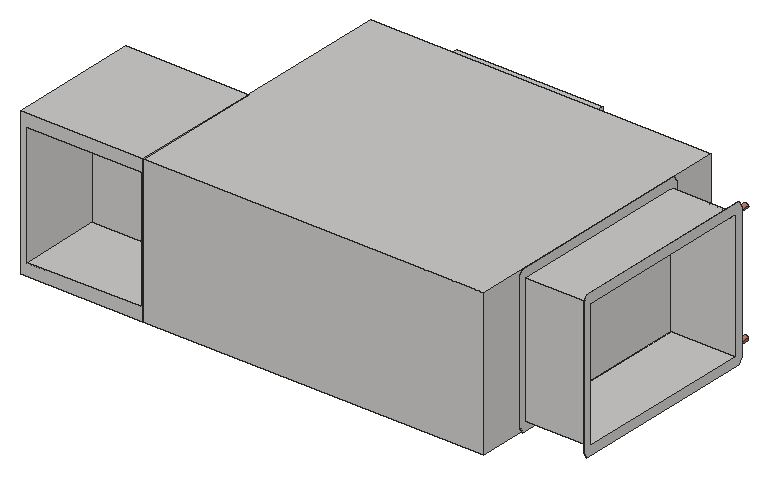
Revit family
Parameters
  Width = 3' - 3"
  Voltage = 208 V
  Unit Weight = if(Number of Rows = 1, "272.0 lbs", if(Number of Rows = 2, "277.0 lbs", "0"))  # "272.0 lbs"
  UltraLoc Liner = Choose Liner Option = 3  # no
  URL = "http://www.titus-hvac.com/"
  UL = "181"
  Supply Air Flow [instance] = 0 CFM
  SteriLoc Liner = Choose Liner Option = 2  # no
  Secondary Material = Copper Connectors
  Primary Air Pressure Drop [instance] = 0.00 in-wg
  Primary Air Flow [instance] = 0 CFM
  Pressure [instance] = 0.00 psi
  Plenum Air Pressure Drop [instance] = 0.00 in-wg
  Plenum Air Flow [instance] = 0 CFM
  Outlet Width = 2' - 1"
  Outlet Height = 1' - 5 1/2"
  Number of Rows = 1
  Number of Poles = 2
  Nominal Width = Width + 0' 6 1/4"  # 3' - 9 1/4"
  Nominal Length = Length + 1' 4 7/8" + 0' 9"  # 6' - 0 5/8"
  Nominal Inlet Size = 1' - 2"
  Nominal Height = 1' - 8"
  NFPA = "90A"
  Motor Full Load Amps [instance] = 3.6 A
  Model = "DTFS-F"
  Min. Air Flow = 0 CFM
  Max. Air Flow = 3000 CFM
  Material = Galvanized Steel
  Manufacturer = "Titus"
  Length = 3' - 10 3/4"
  Juction Box Offset = 0' - 6 7/8"
  Inlet Diameter = Nominal Inlet Size - 0' 0 1/8"  # 1' - 1 7/8"
  Induced Air Inlet Width = 1' - 4 7/8"
  Induced Air Inlet Offset = (Nominal Height - Induced Air Inlet Connection Height) / 2  # 0' - 1 11/16"
  Induced Air Inlet Height = 1' - 6 1/8"
  Induced Air Inlet Connection Width = 1' - 3 3/4"
  Induced Air Inlet Connection Height = 1' - 4 5/8"
  Induced Air Filter = no
  Heating Total Capacity [instance] = 0 Btu/h
  Heating Entering Water Temp = 0 °F
  Half Outlet Width = 1' - 0 1/2"
  Half Outlet Connection Width = Outlet Width / 2  # 1' - 0 1/2"
  Half Outlet Connection Height = Outlet Height / 2  # 0' - 8 3/4"
  Half Height Start = -(Nominal Height / 2)  # -0' - 10"
  Half Height End = Nominal Height / 2  # 0' - 10"
  HWC Option = HWC Section : D-E - 1 Row
  HWC Connector Radius = 5/16"
  HWC Connector Length = 0' - 3"
  HP-Motor = "1/3"
  Gallons Per Minute [instance] = 0 GPM
  Frequency = 60 Hz
  Flange Offset = 0' - 1 1/4"
  Filter Size = "18\"x17\""
  Fiber Free Liner = Choose Liner Option = 1  # no
  Fan Disconnect Switch = no
  Duct Radius = Nominal Inlet Size / 2  # 0' - 7"
  Description = "Ultra Quiet Series Fan Powered Terminal Unit, Direct Digital Control, Pressure Independent"
  Connector Vertical Offset = if(Number of Rows = 1, 1' 4 1/4", if(Number of Rows = 2, 1' 4 3/4", 0' 0"))  # 1' - 4 1/4"
  Connector Horizontal Offset = if(Number of Rows = 1, 0' 0", if(Number of Rows = 2, 0' 1", 0' 0"))  # 0' - 0"
  Connection Void Radius = Connection Radius - 0' 0 1/4"  # 0' - 6 11/16"
  Connection Radius = Inlet Diameter / 2  # 0' - 6 15/16"
  Choose Liner Option = 0
  CADworks URL = "www.CADworks.net"
  Assembly Code = "D3040100"
  Apparent Power [instance] = Voltage * Motor Full Load Amps  # 748.8 VA
  Air Inlet Offset = 0' - 10"
  1/2" Fiberglass Liner = Choose Liner Option = 0  # yes
  1" Fiberglass Liner = Choose Liner Option = 4  # no
Reference planes (in)
  plane 1 "Center (Front/Back)": y = 0
  plane 2: z = 0
  plane 3 "Center (Left/Right)": x = 3
  plane 4: x = -20.375
  plane 5: x = 26.375
  plane 6: x = -13.5
  plane 7: x = -23.75
  plane 8 "Center (Elevation)": z = 0
  plane 9: y = -19.5
  plane 10: y = 19.5
  plane 11: y = 9.5
  plane 12: y = -8.25
  plane 13: z = 0.6875
  plane 14: z = -6.875
  plane 15: x = 35.375
  plane 16: x = 34.375
  plane 17: x = 34.375
  plane 18: y = 15.5
  plane 19: z = -8.125
  plane 20: z = 8.125
  plane 21: y = -12.5
  plane 22: y = 12.5
  plane 23: y = 25.75
  plane 24: x = -37.25
  plane 25: z = 10
  plane 26: z = -10
Forms (in)
  Extrusion 1, solid, material "Galvanized Steel" <- "Material"
    sketch origin (0, 0, 0) x (1, 0, 0) y (0, 1, 0)
      loop
        line (-20.375, 19.5) -> (-20.375, -19.5) -> (26.375, -19.5) -> (26.375, 19.5) -> (-20.375, 19.5)
    from -10 <- "Half Height Start" to 10 <- "Half Height End"
  Extrusion 2, solid, material "Galvanized Steel" <- "Material"
    sketch origin (0, 0, 0) x (1, 0, 0) y (0, 1, 0)
      loop
        line (-37.25, -1.375) -> (-37.25, -19.5) -> (-20.375, -19.5) -> (-20.375, -1.375) -> (-37.25, -1.375)
    from -10 <- "Half Height Start" to 10 <- "Half Height End"
  Extrusion 3, void, detail levels fine
    sketch origin (0, -19.5, 0) x (1, 0, 0) y (0, 0, -1)
      loop
        line (-20.625, 8.3125) -> (-36.375, 8.3125) -> (-36.375, -8.3125) -> (-20.625, -8.3125) -> (-20.625, 8.3125)
    from 0 to 11.25
  Extrusion 4, solid, material "Galvanized Steel" <- "Material"
    sketch origin (3.125, 0, 0) x (1, 0, 0) y (0, 1, 0)
      loop
        line (-16.625, 19.5) -> (3.375, 19.5) -> (3.375, 25.75) -> (-16.625, 25.75) -> (-16.625, 19.5)
    from -6 to 6
  Extrusion 5, solid, material "Galvanized Steel" <- "Material"
    sketch origin (-24.875, -3, 0) x (0, 0, -1) y (0, 1, 0)
      loop
        circle (0, 12.5) r 6.9375
    from 1.125 to 4.5
  Extrusion 6, void, detail levels fine
    sketch origin (-24.875, 0, 0) x (0, 1, 0) y (0, 0, 1)
      loop
        circle (9.5, 0) r 6.6875
    from 1.125 to 11.375
  Extrusion 7, void, detail levels fine
    sketch origin (35.375, -12.5, 8.75) x (0, 0, 1) y (0, -1, 0)
      loop
        line (-17.5, 0) -> (-17.5, -25) -> (0, -25) -> (0, 0) -> (-17.5, 0)
    from -0.0625 to 0
  Extrusion 8, solid, material "Copper Connectors" <- "Secondary Material", detail levels fine
    sketch origin (0, 0, 0) x (1, 0, 0) y (0, 0, 1)
      loop
        circle (34.375, 8.125) r 0.3125
    from -15.5 to -12.5625
  Extrusion 9, solid, material "Copper Connectors" <- "Secondary Material", detail levels fine
    sketch origin (0, 0, 0) x (1, 0, 0) y (0, 0, 1)
      loop
        circle (34.375, -8.125) r 0.3125
    from -15.5 to -12.5625
Cuts and joins
  Extrusion 3 cuts Extrusion 2
  Extrusion 6 cuts Extrusion 1
  Extrusion 6 cuts Extrusion 5
Dimensions and locks (in)
  "Length": plane 5 to plane 4
  equal spacing: plane 5, plane 3 "Center (Left/Right)", plane 4
  locked: Extrusion 4 to Extrusion 4 at 20
  "Juction Box Offset": plane 6 to plane 4
  locked: plane 4 to plane 7 at 3.375
  "Width": plane 9 to plane 10
  equal spacing: plane 9, plane 1 "Center (Front/Back)", plane 10
  locked: Extrusion 5 sketch curve to level at 0
  locked: Extrusion 5 sketch curve to plane 11 at 0
  locked: Extrusion 6 sketch curve to level at 0
  locked: Extrusion 6 sketch curve to plane 11 at 0
  locked: Extrusion 4 to Extrusion 4 at 6.25
  locked: Extrusion 4 to Extrusion 4 at 12
  equal spacing: Extrusion 4, plane 8 "Center (Elevation)", Extrusion 4
  locked: plane 12 to plane 9 at 11.25
  "Air Inlet Offset": plane 10 to plane 11
  "Induced Air Inlet Height": cut or joined group of Extrusion 2, Extrusion 3 to cut or joined group of Extrusion 2, Extrusion 3
  locked: cut or joined group of Extrusion 5, Extrusion 6 to cut or joined group of Extrusion 5, Extrusion 6 at 3.375
  locked: plane 12 to plane 12 at 0
  "Induced Air Inlet Connection Height": Extrusion 3 sketch curve to Extrusion 3 sketch curve
  "Induced Air Inlet Offset": Extrusion 3 sketch curve to cut or joined group of Extrusion 2, Extrusion 3
  "Induced Air Inlet Connection Width": Extrusion 3 sketch curve to Extrusion 3 sketch curve
  locked: Extrusion 3 sketch curve to cut or joined group of Extrusion 1, Extrusion 6 at 0.25
  "Connector Vertical Offset": plane 20 to plane 19
  equal spacing: plane 20, plane 8 "Center (Elevation)", plane 19
  locked: plane 15 to plane 5 at 9
  locked: plane 15 to plane 16 at 1
  "Connector Horizontal Offset": plane 16 to plane 17
  locked: Extrusion 8 sketch curve to plane 17 at 0
  locked: Extrusion 8 sketch curve to plane 20 at 0
  locked: Extrusion 9 sketch curve to plane 16 at 0
  locked: Extrusion 9 sketch curve to plane 19 at 0
  "HWC Connector Length": plane 18 to plane 22
  locked: cut or joined group of Extrusion 1, Extrusion 6 to Extrusion 7 at 9
  locked: cut or joined group of Extrusion 2, Extrusion 3 to cut or joined group of Extrusion 2, Extrusion 3 at 16.875
  locked: cut or joined group of Extrusion 2, Extrusion 3 to cut or joined group of Extrusion 2, Extrusion 3 at 20
  equal spacing: cut or joined group of Extrusion 2, Extrusion 3, plane 8 "Center (Elevation)", cut or joined group of Extrusion 2, Extrusion 3
  locked: cut or joined group of Extrusion 1, Extrusion 6 to cut or joined group of Extrusion 1, Extrusion 6 at 20
  equal spacing: cut or joined group of Extrusion 1, Extrusion 6, plane 8 "Center (Elevation)", cut or joined group of Extrusion 1, Extrusion 6
  locked: nested 1 to cut or joined group of Extrusion 1, Extrusion 6 at 1.1875
  locked: cut or joined group of Extrusion 1, Extrusion 6 to nested 1 at 1.1875
  "Connection Radius": radius of Extrusion 5 sketch curve
  "Connection Void Radius": radius of Extrusion 6 sketch curve
  "HWC Connector Radius": radius of Extrusion 8 sketch curve
  "HWC Connector Radius": radius of Extrusion 9 sketch curve
  aligned and locked: plane 10 to Extrusion 4
  aligned and locked: plane 6 to Extrusion 4
  aligned and locked: plane 7 to cut or joined group of Extrusion 5, Extrusion 6
  aligned and locked: plane 18 to Extrusion 8
  aligned and locked: plane 18 to Extrusion 9
  aligned and locked: plane 9 to cut or joined group of Extrusion 2, Extrusion 3  (x3)
  aligned and locked: plane 5 to nested 1
  aligned and locked: plane 15 to nested 1
  aligned and locked: plane 18 to nested 1  (x2)
  aligned and locked: plane 21 to nested 1
  aligned and locked: plane 22 to nested 1
  aligned and locked: plane 5 to cut or joined group of Extrusion 1, Extrusion 6
  aligned and locked: cut or joined group of Extrusion 1, Extrusion 6 to nested 1
  aligned and locked: cut or joined group of Extrusion 1, Extrusion 6 to plane 10
  aligned and locked: Extrusion 4 to cut or joined group of Extrusion 1, Extrusion 6  (x2)
  aligned and locked: cut or joined group of Extrusion 1, Extrusion 6 to plane 4
  aligned and locked: plane 9 to cut or joined group of Extrusion 1, Extrusion 6
  aligned and locked: cut or joined group of Extrusion 5, Extrusion 6 to cut or joined group of Extrusion 1, Extrusion 6
  aligned and locked: nested 1 to cut or joined group of Extrusion 1, Extrusion 6
  aligned and locked: plane 6 to Extrusion 6
  aligned and locked: Extrusion 6 to plane 7
  aligned and locked: Extrusion 3 to plane 12
  aligned and locked: plane 23 to Extrusion 4
  aligned and locked: plane 24 to cut or joined group of Extrusion 2, Extrusion 3
  aligned and locked: plane 25 to cut or joined group of Extrusion 2, Extrusion 3
  aligned and locked: plane 26 to cut or joined group of Extrusion 2, Extrusion 3
  aligned and locked: plane 26 to cut or joined group of Extrusion 1, Extrusion 6
  aligned and locked: plane 25 to cut or joined group of Extrusion 1, Extrusion 6
Automatic sketch dimensions
  Extrusion 1 sketch curve to plane 4 = 0' - 0"
  Extrusion 1 sketch curve to plane 5 = 0' - 0"
  Extrusion 1 sketch curve to plane 9 = 0' - 0"
  Extrusion 1 sketch curve to plane 10 = 0' - 0"
  Extrusion 2 sketch curve to plane 4 = 0' - 0"
  Extrusion 2 sketch curve to plane 9 = 0' - 0"
  plane 1 "Center (Front/Back)" to Extrusion 2 sketch curve = 0' - 1 3/8"
  Extrusion 4 sketch curve to plane 6 = 0' - 0"
  Extrusion 4 sketch curve to plane 10 = 0' - 0"
  plane 3 "Center (Left/Right)" to Extrusion 4 sketch curve = 0' - 3 1/2"
  Extrusion 4 sketch curve to plane 10 = 0' - 6 1/4"
  Extrusion 2 sketch curve to plane 7 = 1' - 1 1/2"
  Extrusion 7 sketch curve to nested 1 = 0' - 0"  (x4)
Nested families (in)
  nested 1: "HWC Section" at (30.875, 0, 0) x (0, 1, 0) z (0, 0, 1), type <- "HWC Option", type "D-E - 1 Row"
Connectors (in)
  electrical at (-3.5, 25.75, 0), driven by "Apparent Power", driven by "Voltage", driven by "Number of Poles"
    settings: on Extrusion 4, index 8
  hvac at (-23.75, 9.5, 0), driven by "Duct Radius", driven by "Primary Air Pressure Drop", driven by "Primary Air Flow"
    settings: on cut or joined group of Extrusion 5, Extrusion 6, index 9
  hvac at (-28.5, -19.5, 0), driven by "Induced Air Inlet Connection Height", driven by "Induced Air Inlet Connection Width", driven by "Plenum Air Pressure Drop", driven by "Plenum Air Flow"
    settings: on cut or joined group of Extrusion 2, Extrusion 3, index 11
  hvac at (35.375, 0, 0), driven by "Outlet Height", driven by "Outlet Width", driven by "Supply Air Flow"
    settings: on Extrusion 7, index 12
  piping at (34.375, 15.5, 8.125), driven by "Gallons Per Minute", driven by "Pressure", driven by "HWC Connector Radius"
    settings: on Extrusion 8, index 13
  piping at (34.375, 15.5, -8.125), driven by "Gallons Per Minute", driven by "HWC Connector Radius", driven by "Pressure"
    settings: on Extrusion 9, index 14
Definition of nested family "HWC Section"
  Parameters (values of type "B-C - 1 Row")
    Visibility = yes
    Secondary Material = Copper Connectors
    Number of Rows = 1
    Material = Galvanized Steel
    Half Width = HWC Width / 2  # 0' - 10 1/4"
    Half Length-Start = -(HWC Length / 2)  # -0' - 4 1/2"
    Half Length-End = HWC Length / 2  # 0' - 4 1/2"
    HWC Connection Radius = 5/16"
    Flange Offset = 0' - 1"
    Duct Vertical Offset = HWC Height - 0' 0 1/2"  # 1' - 0"
    Duct Horizontal Offset = HWC Width - 0' 0 1/2"  # 1' - 8"
    Connector Vertical Offset = 0' - 11 3/4"
    HWC Width = 1' - 8 1/2"
    HWC Height = 1' - 0 1/2"
    HWC Length = 0' - 9"  # constant formula
    Gallons Per Minute = 0 GPM
    Connector Length = 0' - 3"
    Connector Horizontal Offset = 0' - 0"
  Types (5): name | Number of Rows | Half Width | Flange Offset | Duct Vertical Offset | Duct Horizontal Offset | Connector Vertical Offset | HWC Width | HWC Height | Connector Horizontal Offset
    (no name) | 1 | 0' - 10 1/4" | 0' - 1" | 1' - 0" | 1' - 8" | 0' - 11 3/4" | 1' - 8 1/2" | 1' - 0 1/2" | 0' - 0"
    B-C - 1 Row | 1 | 0' - 10 1/4" | 0' - 1" | 1' - 0" | 1' - 8" | 0' - 11 3/4" | 1' - 8 1/2" | 1' - 0 1/2" | 0' - 0"
    B-C - 2 Row | 2 | 0' - 10 1/4" | 0' - 1" | 1' - 0" | 1' - 8" | 0' - 11 3/4" | 1' - 8 1/2" | 1' - 0 1/2" | 0' - 1"
    D-E - 1 Row | 1 | 1' - 0 1/2" | 0' - 1 1/4" | 1' - 5" | 2' - 0 1/2" | 1' - 4 1/4" | 2' - 1" | 1' - 5 1/2" | 0' - 0"
    D-E - 2 Row | 2 | 1' - 0 1/2" | 0' - 1 1/4" | 1' - 5" | 2' - 0 1/2" | 1' - 4 3/4" | 2' - 1" | 1' - 5 1/2" | 0' - 1"
  Reference planes (in)
    plane 1 "Center (Front/Back)": y = 0
    plane 2: z = 0
    plane 3 "Center (Left/Right)": x = 0
    plane 4: x = -10.25
    plane 5: x = 10.25
    plane 6: y = 4.5
    plane 7: y = -4.5
    plane 8: z = 6.25
    plane 9: z = -6.25
    plane 10: z = 5.875
    plane 11: z = -5.875
    plane 12: y = 3.5
    plane 13: y = 3.5
    plane 14: x = 13.25
  Forms (in)
    Extrusion 1, solid, material "Galvanized Steel" <- "Material", visible <- "Visibility"
      sketch origin (0, 0, 0) x (1, 0, 0) y (0, 0, 1)
        loop
          line (-10.3125, 6.3125) -> (-10.3125, -6.3125) -> (10.3125, -6.3125) -> (10.3125, 6.3125) -> (-10.3125, 6.3125)
      from -4.375 <- "Half Length-Start" to 4.5 <- "Half Length-End"
    Extrusion 2, void, detail levels fine
      sketch origin (0, 0, 0) x (1, 0, 0) y (0, 0, 1)
        loop
          line (-10.25, -6.25) -> (10.25, -6.25) -> (10.25, 6.25) -> (-10.25, 6.25) -> (-10.25, -6.25)
      from -4.5 <- "Half Length-Start" to 4.5 <- "Half Length-End"
    Extrusion 3, solid, material "Copper Connectors" <- "Secondary Material", visible <- "Visibility"
      sketch origin (6, 2.625, 0) x (0, 1, 0) y (0, 0, 1)
        loop
          circle (0.875, -5.875) r 0.3125
      from 4.3125 to 7.25
    Extrusion 4, solid, material "Galvanized Steel" <- "Material", visible <- "Visibility"
      sketch origin (0, -4.375, 0) x (1, 0, 0) y (0, 0, 1)
        loop
          line (-10.25, 6.25) -> (-10.25, -6.25) -> (10.25, -6.25) -> (10.25, 6.25) -> (-10.25, 6.25)
        loop
          line (-11.25, 6.75) -> (-11.25, -6.75) -> (-10.75, -7.25) -> (10.75, -7.25) -> (11.25, -6.75) -> (11.25, 6.75) -> (10.75, 7.25) -> (-10.75, 7.25) -> (-11.25, 6.75)
      from 0 to 0.125
    Extrusion 5, solid, material "Copper Connectors" <- "Secondary Material", visible <- "Visibility"
      sketch origin (6, -0.5, 0) x (0, 1, 0) y (0, 0, 1)
        loop
          circle (4, 5.875) r 0.3125
      from 4.3125 to 7.25
    Extrusion 6, solid, material "Galvanized Steel" <- "Material", visible <- "Visibility"
      sketch origin (0, 4.375, 0) x (1, 0, 0) y (0, 0, -1)
        loop
          line (-10.25, -6.25) -> (10.25, -6.25) -> (10.25, 6.25) -> (-10.25, 6.25) -> (-10.25, -6.25)
        loop
          line (-11.25, -6.75) -> (-10.75, -7.25) -> (10.75, -7.25) -> (11.25, -6.75) -> (11.25, 6.75) -> (10.75, 7.25) -> (-10.75, 7.25) -> (-11.25, 6.75) -> (-11.25, -6.75)
      from 0 to 0.125
  Cuts and joins
    Extrusion 2 cuts Extrusion 1
    joined: Extrusion 1, Extrusion 4, Extrusion 6
  Dimensions and locks (in)
    "HWC Width": plane 4 to plane 5
    equal spacing: plane 4, plane 3 "Center (Left/Right)", plane 5
    "HWC Height": plane 8 to plane 9
    equal spacing: plane 8, plane 2, plane 9
    equal spacing: plane 10, plane 2, plane 11
    locked: plane 12 to plane 6 at 1
    "Connector Horizontal Offset": plane 13 to plane 12
    locked: plane 7 to Extrusion 4 at 0.125
    locked: Extrusion 6 to plane 6 at 0.125
    locked: plane 4 to Extrusion 1 sketch curve at 0.0625
    locked: Extrusion 4 to Extrusion 1 sketch curve at 0.0625
    locked: Extrusion 1 sketch curve to plane 8 at 0.0625
    locked: plane 9 to Extrusion 1 sketch curve at 0.0625
    "Connector Length": plane 5 to plane 14
    "HWC Length": plane 6 to plane 7
    equal spacing: plane 6, plane 1 "Center (Front/Back)", plane 7
    "Connector Vertical Offset": plane 10 to plane 11
    equal spacing: plane 10, level, plane 11
    "HWC Width": Extrusion 4 sketch curve to Extrusion 4 sketch curve
    equal spacing: Extrusion 4 sketch curve, plane 3 "Center (Left/Right)", Extrusion 4 sketch curve
    "HWC Height": Extrusion 4 sketch curve to Extrusion 4 sketch curve
    equal spacing: Extrusion 4 sketch curve, plane 2, Extrusion 4 sketch curve
    locked: cut or joined group of Extrusion 1, Extrusion 2, Extrusion 4, Extrusion 6 to plane 4 at 1  (x2)
    locked: cut or joined group of Extrusion 1, Extrusion 2, Extrusion 4, Extrusion 6 to plane 5 at 1  (x2)
    "HWC Width": Extrusion 6 sketch curve to Extrusion 6 sketch curve
    "HWC Height": Extrusion 6 sketch curve to Extrusion 6 sketch curve
    equal spacing: Extrusion 6 sketch curve, plane 3 "Center (Left/Right)", Extrusion 6 sketch curve
    equal spacing: Extrusion 6 sketch curve, plane 2, Extrusion 6 sketch curve
    "HWC Height": Extrusion 2 sketch curve to Extrusion 2 sketch curve
    "HWC Width": Extrusion 2 sketch curve to Extrusion 2 sketch curve
    equal spacing: Extrusion 2 sketch curve, plane 3 "Center (Left/Right)", Extrusion 2 sketch curve
    equal spacing: Extrusion 2 sketch curve, plane 2, Extrusion 2 sketch curve
    locked: plane 5 to Extrusion 3 at 0.0625
    locked: plane 5 to Extrusion 5 at 0.0625
    "Flange Offset": cut or joined group of Extrusion 1, Extrusion 2, Extrusion 4, Extrusion 6 to plane 8
    "Flange Offset": plane 9 to cut or joined group of Extrusion 1, Extrusion 2, Extrusion 4, Extrusion 6
    "Flange Offset": plane 8 to cut or joined group of Extrusion 1, Extrusion 2, Extrusion 4, Extrusion 6
    "Flange Offset": cut or joined group of Extrusion 1, Extrusion 2, Extrusion 4, Extrusion 6 to plane 9
    "HWC Connection Radius": radius of Extrusion 3 sketch curve
    "HWC Connection Radius": radius of Extrusion 5 sketch curve
    aligned and locked: plane 7 to Extrusion 4
    aligned and locked: plane 6 to Extrusion 6
    aligned and locked: plane 14 to Extrusion 5
    aligned and locked: plane 14 to Extrusion 3
    aligned and locked: Extrusion 6 to cut or joined group of Extrusion 1, Extrusion 2, Extrusion 4, Extrusion 6
    aligned and locked: Extrusion 4 to Extrusion 4
  Automatic sketch dimensions
    Extrusion 3 sketch curve to plane 11 = 0' - 0"
    Extrusion 3 sketch curve to plane 12 = 0' - 0"
    Extrusion 5 sketch curve to plane 10 = 0' - 0"
    Extrusion 5 sketch curve to plane 13 = 0' - 0"
    plane 4 to Extrusion 6 sketch curve = 0' - 1"
    plane 4 to Extrusion 6 sketch curve = 0' - 0 1/2"  (x2)
    Extrusion 6 sketch curve to plane 5 = 0' - 0 1/2"  (x2)
    Extrusion 6 sketch curve to Extrusion 6 sketch curve = 0' - 0 1/2"  (x3)
    plane 8 to Extrusion 6 sketch curve = 0' - 0 1/2"  (x2)
    Extrusion 6 sketch curve to plane 9 = 0' - 0 1/2"  (x2)
    plane 4 to Extrusion 4 sketch curve = 0' - 0 1/2"  (x2)
    Extrusion 4 sketch curve to Extrusion 4 sketch curve = 0' - 0 1/2"  (x4)
    Extrusion 4 sketch curve to plane 5 = 0' - 0 1/2"  (x2)
    Extrusion 4 sketch curve to plane 9 = 0' - 0 1/2"  (x2)
    plane 8 to Extrusion 4 sketch curve = 0' - 0 1/2"  (x2)
